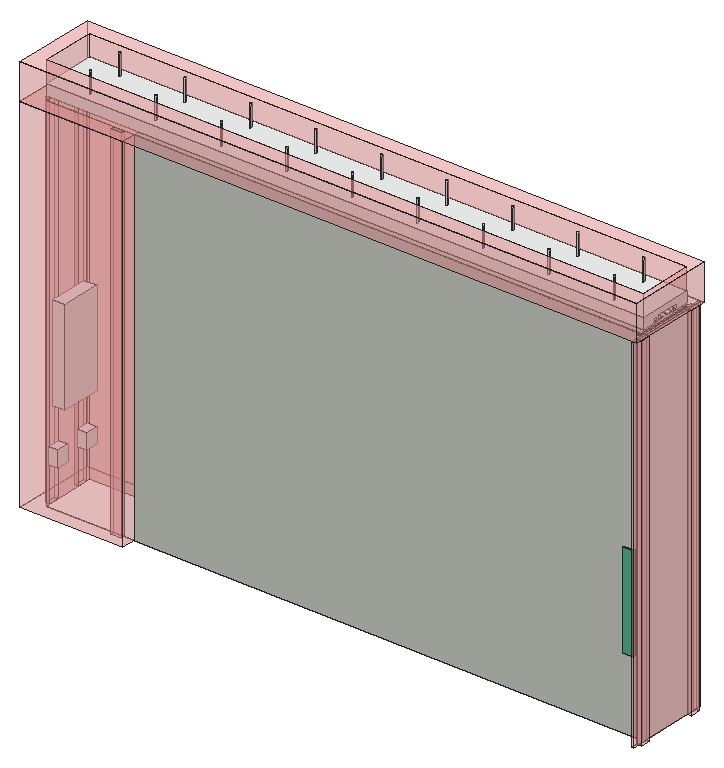
Revit family "Doors-Sliding_WON-DOOR_FireGuard-Straight_Flat-Lead-Post - Test V1 - all heights", category Doors, host Wall, Revit 2022 (continued)
Definition of nested family "Electrical_Won-Door_Doors"
  Connectors (in)
    electrical at (0, -8, 14.625), driven by "Number of Poles", driven by "Voltage", driven by "Power Factor", driven by "Apparent Load", driven by "Apparent Load", driven by "Connector Description"
      settings: on Extrusion 1, index 1, voltage 0 V, apparent load 0 VA, apparent load phase1 0 VA, apparent load phase2 0 VA, apparent load phase3 0 VA, power factor 0, load classification none, number of poles 1, system type 30, power factor state 1, is connector primary yes, connector utility no, sub classification motor no, connector description "100-240 VAC, 60/50 Hz, 10 AMP"
Definition of nested family "Rod_element"
  Parameters (values of type "Rod_element")
    Vis Rod = yes
    Rod Radius = 0' - 0 1/4"  # constant formula
    Rod Height = 0' - 7 1/256"
    Rod Center Position for Depth = 1' - 0"  # constant formula
    Rod Start = 0' - 0"  # constant formula
    Default Elevation = 4' - 0"
  Reference planes (in)
    plane 1 "Center (Front/Back)": y = 0
    plane 2: z = 0
    plane 3 "Center (Left/Right)": x = 0
    plane 4: y = 6
    plane 5: y = -6
    plane 6: x = 0
    plane 7: z = 7.00391
  Forms (in)
    Extrusion 1, solid, visible <- "Vis Rod", detail levels medium+fine
      sketch origin (59, 0, 0) x (1, 0, 0) y (0, 1, 0)
        loop
          circle (-59, 6) r 0.25
        loop
          circle (-59, -6) r 0.25
      from 0 <- "Rod Start" to 7.00391 <- "Rod Height"
    Extrusion 2, solid, visible <- "Vis Rod", detail levels coarse
      sketch origin (19, 0, 0) x (1, 0, 0) y (0, 1, 0)
        loop
          line (-19.25, 5.75) -> (-18.75, 5.75) -> (-18.75, 6.25) -> (-19.25, 6.25) -> (-19.25, 5.75)
        loop
          line (-19.25, -5.75) -> (-19.25, -6.25) -> (-18.75, -6.25) -> (-18.75, -5.75) -> (-19.25, -5.75)
      from 0 <- "Rod Start" to 7.00391 <- "Rod Height"
  Lines and regions (in)
    symbolic lines, visible <- "Vis Rod", detail levels coarse
      curve 1: line (-0.25, 6.25, 0) -> (-0.25, 5.75, 0)
      curve 2: line (0.25, 6.25, 0) -> (-0.25, 6.25, 0)
      curve 3: line (0.25, 5.75, 0) -> (0.25, 6.25, 0)
      curve 4: line (-0.25, 5.75, 0) -> (0.25, 5.75, 0)
      curve 5: line (0.25, -5.75, 0) -> (-0.25, -5.75, 0)
      curve 6: line (0.25, -6.25, 0) -> (0.25, -5.75, 0)
      curve 7: line (-0.25, -6.25, 0) -> (0.25, -6.25, 0)
      curve 8: line (-0.25, -5.75, 0) -> (-0.25, -6.25, 0)
    symbolic lines, visible <- "Vis Rod", detail levels medium+fine
      curve 9: arc (0.25, 6, 0) -> (0, 6.25, 0) -> (-0.25, 6, 0) r 0.25
      curve 10: arc (-0.25, 6, 0) -> (0, 5.75, 0) -> (0.25, 6, 0) r 0.25
      curve 11: arc (0.25, -6, 0) -> (0, -5.75, 0) -> (-0.25, -6, 0) r 0.25
      curve 12: arc (-0.25, -6, 0) -> (0, -6.25, 0) -> (0.25, -6, 0) r 0.25
  Dimensions and locks (in)
    equal spacing: plane 4, plane 1 "Center (Front/Back)", plane 5
    "Rod Center Position for Depth": plane 4 to plane 5
    "Rod Height": plane 7 to plane 2
    locked: Extrusion 2 sketch curve to Extrusion 2 sketch curve at 0.5  (x4)
    "Rod Radius": radius of Extrusion 1 sketch curve  (x2)
    aligned and locked: plane 2 to level
    aligned and locked: Extrusion 2 sketch curve to Extrusion 2 sketch curve
    aligned and locked: curve 1 to Extrusion 2
    aligned and locked: curve 2 to Extrusion 2
    aligned and locked: curve 3 to Extrusion 2
    aligned and locked: curve 4 to Extrusion 2
    aligned and locked: curve 5 to Extrusion 2
    aligned and locked: curve 6 to Extrusion 2
    aligned and locked: curve 7 to Extrusion 2
    aligned and locked: curve 8 to Extrusion 2
    aligned and locked: curve 9 to Extrusion 1
    aligned and locked: curve 10 to Extrusion 1
    aligned and locked: curve 11 to Extrusion 1
    aligned and locked: curve 12 to Extrusion 1
  Automatic sketch dimensions
    Extrusion 2 sketch curve to Extrusion 2 sketch curve = 0' - 11 1/2"
    curve 9 to curve 10 = 0' - 0"  (x5)
    curve 11 to curve 12 = 0' - 0"  (x5)
    curve 1 to curve 5 = 1' - 0"
    curve 11 to curve 12 = 0' - 0 1/4"
    curve 1 to curve 9 = 0' - 0.35355"  (x2)
    curve 9 to curve 4 = 0' - 0.35355"
    curve 7 to curve 12 = 0' - 0.35355"
    curve 11 to curve 6 = 0' - 0 1/4"
    curve 5 to curve 4 = 0' - 11 1/2"
    curve 9 to curve 2 = 0' - 0 1/4"  (x2)
    curve 10 to curve 9 = 0' - 0"
    Extrusion 2 sketch curve to plane 6 = 0' - 0 1/4"
    Extrusion 2 sketch curve to plane 5 = 0' - 0 1/4"
    curve 12 to plane 5 = 0' - 0"
    curve 10 to plane 4 = 0' - 0"
    curve 10 to plane 3 "Center (Left/Right)" = 0' - 0"
    curve 11 to plane 3 "Center (Left/Right)" = 0' - 0"
    curve 7 to plane 3 "Center (Left/Right)" = 0' - 0 1/4"
    curve 4 to plane 3 "Center (Left/Right)" = 0' - 0 1/4"
    curve 6 to curve 11 = 0' - 0 1/4"
    plane 5 to curve 6 = 0' - 0 1/4"
    curve 4 to plane 4 = 0' - 0 1/4"
    Extrusion 1 sketch curve to plane 3 "Center (Left/Right)" = 0' - 0"  (x2)
    Extrusion 1 sketch curve to plane 5 = 0' - 0"
    Extrusion 1 sketch curve to plane 4 = 0' - 0"
Types (5): name | Width | Stack Depth | Rough Width | Real Step for Threated Rods | Pocket Thickness | Offset for Stack Depth | Offset for Backing Width | Offset for Backing Depth | General Length for Rod | Fire Rating | Count Rod | Clear Opening Width
  (no name) | 14' - 0" | 2' - 5" | 16' - 9 7/8" | 1' - 9 5/8" | 2' - 3 3/4" | 0' - 4 7/8" | 0' - 3 1/8" | 0' - 6 1/8" | 16' - 5" | "Non Rated" | 9 | 14' - 0"
  Non Rated | 14' - 0" | 2' - 5" | 16' - 9 7/8" | 1' - 9 5/8" | 2' - 3 3/4" | 0' - 4 7/8" | 0' - 3 1/8" | 0' - 6 1/8" | 16' - 5" | "Non Rated" | 9 | 14' - 0"
  20/60 Minute | 7' - 0" | 1' - 6" | 8' - 10 7/8" | 1' - 7 1/2" | 2' - 3 3/4" | 0' - 4 7/8" | 0' - 3 1/8" | 0' - 6 1/8" | 8' - 6" | "60 Minute Fire Rating" | 5 | 7' - 0"
  90 Minute | 7' - 0" | 1' - 6" | 9' - 0 1/8" | 1' - 7 1/2" | 2' - 6 1/4" | 0' - 6 1/8" | 0' - 3 1/4" | 0' - 7 3/8" | 8' - 6" | "90 Minute Fire Rating" | 5 | 7' - 0"
  180 Minute | 7' - 0" | 1' - 6" | 9' - 1 3/8" | 1' - 7 1/2" | 2' - 8 3/4" | 0' - 7 3/8" | 0' - 3 1/4" | 0' - 8 5/8" | 8' - 6" | "180 Minute Fire Rating" | 5 | 7' - 0"
